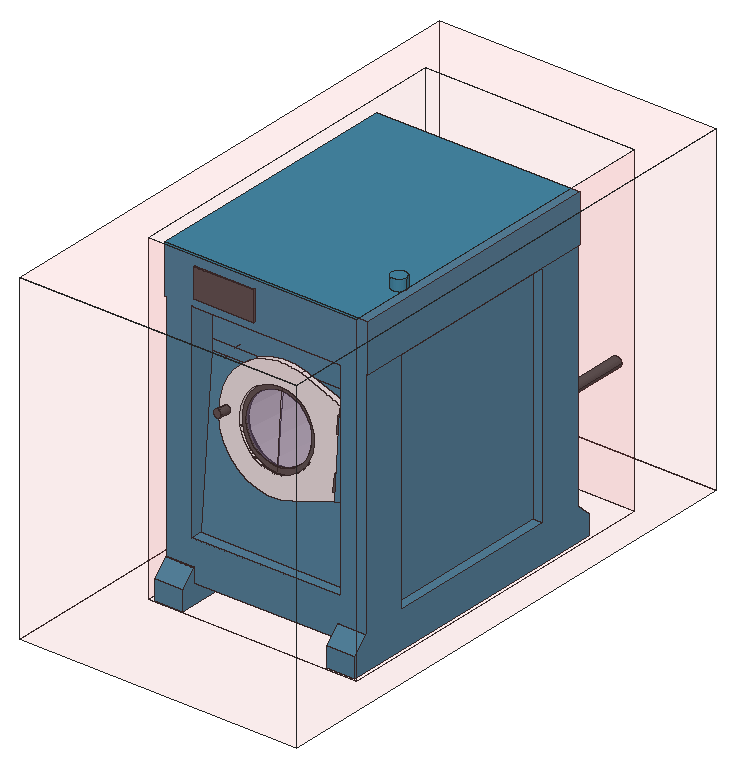
Revit family "Washer_Milnor_60lb-Capacity_30022X8R", category Mechanical Equipment, Revit 2026
Family settings
  Round Connector Dimension = Use Diameter
  Part Type = Normal
  Classification Number = 23.45.70.11.14.11
  Work Plane-Based = Yes
  Always vertical = No
  Cut with Voids When Loaded = No
  Maintain Annotation Orientation = No
  Shared = No
  Room Calculation Point = No
Parameters (values of type "3022x8Ce2014133d")
  doorgas = Door Opening + 0' 2 1/2"  # 1' - 6"
  Warranty Duration (Years) = 5
  Voltage_MEP = 44.5935 V
  Vibration Frequency = 0
  Unit Width = 3' - 6 3/4"
  Unit Weight = 944
  Unit Height = 5' - 6 1/2"
  Unit Depth = 5' - 10 5/8"
  URL = "http://www.milnor.com/"
  Suspension Type = "Suspended"
  Standard Soap Chute = yes
  Specification = "https://www.arcat.com/sd/clients/pellerin.html"
  SpecWizard = "https://www.arcat.com/specwizard/11110pmc/index04.htm"
  Send Message = "http://www.arcat.com/users.pl?action=UserEmail&company=Pellerin+Milnor+Corp.&coid=34740&rep=108&fax=504-468-3094&mf="
  Sales Information = "http://www.milnor.com/contact_us.aspx"
  Revision = "R1_08-2018"
  Product Properties = "https://www.arcat.com/arcatcos/cos34/arc34740.html"
  Product Data = "http://www.arcat.com/arcatcos/cos34/arc34740.html"
  Phase = 3
  Number of Poles = 1
  Model = "3022x8Ce2014133d"
  Manufacturer Website = "http://www.milnor.com/"
  Manufacturer Phone - Toll Free = "800-469-8780"
  Manufacturer Phone = "504-467-9591"
  Manufacturer Fax = "504-468-3094"
  Manufacturer Address = "700 Jackson St.   Kenner, LA 70062"
  Manufacturer = "Pellerin Milnor Corp"
  Maintenance Schedule (Months) = 0
  MEP Amperage = 18.5 A
  Keynote = "11110"
  Interior Finish [instance] = Metal - Stainless Steel - Milnor - as Specified
  Installation-Fabrication = "https://www.arcat.com/catalogs/pellerin/pellerin.html"
  Installation Phase = ""
  Green Building-LEED = "https://www.arcat.com/green/green_building.shtml"
  Frequency = 60 Hz
  Extraction G-Force = "300 Gs"
  Expected Lifespan (Years) = 12
  Dynamic Load = 0.00 kip
  Drawn By = "Sumex Design, Inc. / Robert S. Weygant, CSI, CDT, SCIP"
  Door Opening = 1' - 3 1/2"
  Door Opening Depth = 1' - 5 3/4"
  Door Glazing [instance] = Glazing - Milnor - as Specified
  Door Finish [instance] = Metal - Stainless Steel - Milnor - Powder Coat as Specified
  Clearance Visible [instance] = yes
  Cabinet Front Doodads [instance] = Paint - Milnor - Black
  Description = "Milnor Commercial Washer Extractor"
  Default Elevation = 4' - 0"
  Cylinder Volume = 0.00 CF
  Cylinder Diameter = 2' - 6"
  Cylinder Depth = 1' - 10"
  Door Base from FF = 2' - 3 3/4"
  Copyright = "©Arcat Inc."
  Construction Details = "https://www.arcat.com/catalogs/pellerin/pellerin.html"
  Capacity = "60 lb"
  Cabinet Finish [instance] = Paint - Milnor - Blue
  Assembly Code = "E1010610"
  5 Compartment Supply = no
Types (2): name | Standard Soap Chute | Model | 5 Compartment Supply
  3022x8Ce2014133d | yes | "3022x8Ce2014133d" | no
  3022x8Cb2014083d | no | "3022x8Cb2014083d" | yes
Reference planes (in)
  plane 1 "Center (Front/Back)": y = 0
  plane 2 "Bottom": z = 0
  plane 3 "Center (Left/Right)": x = 0
  plane 4 "Front": y = -35.3125
  plane 5 "Back": y = 35.3125
  plane 6 "Left": x = -21.375
  plane 7 "Right": x = 21.375
  plane 8 "Top": z = 66.5
  plane 9: y = -53.0625
  plane 10: z = 27.75
  plane 11: y = 24.6875
  plane 12: x = -20.5
  plane 13: z = 78.98252
  plane 14: y = -28.3125
  plane 15: y = 2.95881
  plane 16: z = 70.35752
  plane 17: x = -17.75
  plane 18: x = 17.75
  plane 19: y = -25.35369
  plane 20: y = -4.58498
Forms (in)
  Extrusion 1, solid, material "Paint - Milnor - Blue" <- "Cabinet Finish"
    sketch origin (0, 0, 0) x (0, 1, 0) y (0, 0, 1)
      loop
        line (-35.3125, 0) -> (24.6875, 0) -> (24.6875, 4) -> (21.85907, 6.82843) -> (-32.48407, 6.82843) -> (-35.3125, 4) -> (-35.3125, 0)
    from 14.8125 to 20.5
  Extrusion 2, solid, material "Paint - Milnor - Blue" <- "Cabinet Finish"
    sketch origin (0, 0, 0) x (0, 1, 0) y (0, 0, -1)
      loop
        line (-35.3125, 0) -> (-35.3125, -4) -> (-32.48407, -6.82843) -> (21.85907, -6.82843) -> (24.6875, -4) -> (24.6875, 0) -> (-35.3125, 0)
    from 14.8125 to 20.5
  Extrusion 3, solid, material "Paint - Milnor - Blue" <- "Cabinet Finish"
    sketch origin (0, 0, 0) x (1, 0, 0) y (0, 0, 1)
      loop
        line (-20.8125, 64.35752) -> (-20.8125, 54.60752) -> (-20.5, 54.60752) -> (-20.5, 4) -> (20.5, 4) -> (20.5, 54.60752) -> (20.8125, 54.60752) -> (20.8125, 64.35752) -> (-20.8125, 64.35752)
      loop
        line (-15.22873, 54.60752) -> (-15.22873, 12.10752) -> (15.27127, 12.10752) -> (15.27127, 54.60752) -> (-15.22873, 54.60752)
    from -21.95881 to 32.32761
  Extrusion 4, solid, material "Paint - Milnor - Blue" <- "Cabinet Finish"
    sketch origin (0, 0, 0) x (0, 1, 0) y (0, 0, 1)
      loop
        line (-30.5625, 6.82843) -> (21.95881, 6.82843) -> (21.95881, 15.82843) -> (21.19399, 15.82843) -> (21.19399, 54.60752) -> (-27.18521, 54.60752) -> (-27.18521, 46.47883)
        arc (-27.18521, 46.47883) -> (-27.20806, 45.43197) -> (-27.27654, 44.3871) r 24
        line (-27.27654, 44.3871) -> (-30.5625, 6.82843)
    from -15.22873 to 15.27127
  Extrusion 5, void
    sketch origin (0, 0, 0) x (0, 1, 0) y (0, 0, 1)
      loop
        line (-23.43417, 54.35752) -> (-23.43417, 7.48252) -> (12.81583, 7.48252) -> (12.81583, 54.35752) -> (-23.43417, 54.35752)
    from 18.5 to 20.5
  Extrusion 6, void
    sketch origin (0, 0, 0) x (0, 1, 0) y (0, 0, -1)
      loop
        line (-23.43417, -54.35752) -> (12.81583, -54.35752) -> (12.81583, -7.48252) -> (-23.43417, -7.48252) -> (-23.43417, -54.35752)
    from 18.5 to 20.5
  Extrusion 7, solid, material "Metal - Stainless Steel - Milnor - Powder Coat as Specified" <- "Door Finish"
    sketch origin (0, -30.5625, 6.82843) x (0, 0.087156, 0.996195) y (-1, 0, 0)
      loop
        circle (29.17799, 0) r 7.75
      loop
        arc (40.52054, -3.91747) -> (29.17799, 12) -> (17.83544, -3.91747) r 12
        line (17.83544, -3.91747) -> (20.92799, -12.87156) -> (29.17799, -12.87156) -> (37.42799, -12.87156) -> (40.52054, -3.91747)
    from 0 to 1.5
  Revolve 8, void
    sketch origin (0, 0, 0) x (0, 1, 0) y (0, 0, 1)
      loop
        line (-29.01567, 35.98254) -> (-5.35604, 33.91259) -> (-4.04871, 48.85551) -> (-25.96499, 50.77294) -> (-26.59687, 43.55053) -> (-28.34021, 43.70305) -> (-29.01567, 35.98254)
      axis (-29.01567, 35.98254) -> (-5.35604, 33.91259)
    angle from 0 to 360
  Extrusion 9, solid, material "Paint - Milnor - Black" <- "Cabinet Front Doodads"
    sketch origin (0, -32.05679, 6.95916) x (0, 0.087156, 0.996195) y (-1, 0, 0)
      loop
        circle (29.28326, 10.41902) r 0.75
    from 0 to 2.28554
  Extrusion 10, solid, material "Paint - Milnor - Black" <- "Cabinet Front Doodads"
    sketch origin (0, -32.05679, 6.95916) x (0, 0.087156, 0.996195) y (-1, 0, 0)
      loop
        line (35.96631, -12.21074) -> (32.71631, -12.21074) -> (32.71631, -13.46074) -> (35.96631, -13.46074) -> (35.96631, -12.21074)
      loop
        line (22.38967, -12.21074) -> (22.38967, -13.46074) -> (25.63967, -13.46074) -> (25.63967, -12.21074) -> (22.38967, -12.21074)
    from 0 to 0.34547
  Extrusion 11, solid, material "Paint - Milnor - Blue" <- "Cabinet Finish"
    sketch origin (0, -30.5625, 6.82843) x (0, 0.087156, 0.996195) y (-1, 0, 0)
      loop
        line (37.01098, -14.07896) -> (37.42799, -12.87156) -> (20.92799, -12.87156) -> (21.345, -14.07896) -> (37.01098, -14.07896)
    from 0 to 2.26083
  Extrusion 12, solid, material "Paint - Milnor - Black" <- "Cabinet Front Doodads"
    sketch origin (0, -32.32761, 0) x (1, 0, 0) y (0, 0, 1)
      loop
        line (-14.63887, 62.23611) -> (-14.63887, 56.23611) -> (-2.38887, 56.23611) -> (-2.38887, 62.23611) -> (-14.63887, 62.23611)
    from 0 to 0.33794
  Extrusion 13, solid, material "Paint - Milnor - Blue" <- "Cabinet Finish"
    sketch origin (0, 0, 0) x (1, 0, 0) y (0, 1, 0)
      loop
        circle (17.5625, -20.25) r 1.5
    from 64.35752 to 66.5
  Revolve 14, solid, material "Paint - Milnor - Black" <- "Cabinet Front Doodads"
    sketch origin (0, 0, 0) x (0, 1, 0) y (0, 0, 1)
      loop
        line (-27.84211, 43.65947) -> (-28.34021, 43.70305) -> (-28.42736, 42.70686) -> (-27.92927, 42.66328) -> (-27.84211, 43.65947)
      axis (-29.01567, 35.98254) -> (-28.51757, 35.93896)
    angle from 0 to 360
  Revolve 15, solid, material "Glazing - Milnor - as Specified" <- "Door Glazing"
    sketch origin (0, 0, 0) x (0, 1, 0) y (0, 0, 1)
      loop
        line (-28.51757, 35.93896) -> (-27.92927, 42.66328) -> (-28.30284, 42.69596) -> (-28.89114, 35.97165) -> (-28.51757, 35.93896)
      axis (-28.89114, 35.97165) -> (-28.51757, 35.93896)
    angle from 0 to 360
  Extrusion 16, solid, material "Paint - Milnor - Black"
    sketch origin (0, 0, 0) x (1, 0, 0) y (0, 0, 1)
      loop
        circle (17.6875, 26.25) r 0.375
      loop
        circle (17.6875, 22.125) r 0.375
      loop
        circle (17.6875, 18) r 0.375
    from -23.69767 to -21.19399
  Extrusion 17, solid, material "Paint - Milnor - Black"
    sketch origin (0, 0, 0) x (1, 0, 0) y (0, 0, 1)
      loop
        circle (-8, 10.6875) r 1.5
    from -25.45531 to -21.19399
  Extrusion 18, solid, material "Paint - Milnor - Black"
    sketch origin (0, 0, 0) x (1, 0, 0) y (0, 0, 1)
      loop
        circle (17.6875, 26.25) r 1
    from -35.3125 to -23.69767
  Extrusion 19, solid, material "Paint - Milnor - Black"
    sketch origin (0, 0, 0) x (1, 0, 0) y (0, 0, 1)
      loop
        circle (-17.625, 46.25) r 0.25
    from -21.95881 to -21.19399
  Extrusion 20, solid, material "Paint - Milnor - Black" <- "Cabinet Front Doodads", visible <- "Standard Soap Chute"
    sketch origin (0, 0, 0) x (0, 1, 0) y (0, 0, 1)
      loop
        line (-1.71125, 63.37839) -> (-1.71125, 55.37839) -> (6.28875, 55.37839) -> (6.28875, 63.37839) -> (-1.71125, 63.37839)
    from -20.8125 to -21.04456
  Extrusion 21, solid, material "Paint - Milnor - Black" <- "Cabinet Front Doodads", visible <- "Standard Soap Chute"
    sketch origin (0, 0, 0) x (0, 1, 0) y (0, 0, 1)
      loop
        line (-0.8303, 62.30849) -> (-0.8303, 59.55849) -> (5.4197, 59.55849) -> (5.4197, 62.30849) -> (-0.8303, 62.30849)
    from -21.24259 to -21.04456
  Extrusion 22, solid, material "ARCAT Clearance", visible <- "Clearance Visible"
    sketch origin (-12.17672, -11.84008, 0) x (1, 0, 0) y (0, 1, 0)
      loop
        line (-17.13578, 60.65258) -> (-17.13578, -46.97242) -> (39.55172, -46.97242) -> (39.55172, 60.65258) -> (-17.13578, 60.65258)
      loop
        line (-9.19828, -24.00367) -> (33.55172, -24.00367) -> (33.55172, 47.15258) -> (-9.19828, 47.15258) -> (-9.19828, -24.00367)
    from 0 to 66.5
  Extrusion 23, solid, material "Paint - Milnor - Black", visible <- "5 Compartment Supply"
    sketch origin (0, 0, 0) x (1, 0, 0) y (0, 0, 1)
      loop
        line (-20.8125, 64.35752) -> (-25.8125, 64.35752)
        arc (-25.8125, 64.35752) -> (-28.28737, 63.33239) -> (-29.3125, 60.85752) r 3.5
        line (-29.3125, 60.85752) -> (-29.3125, 54.85752) -> (-23.625, 54.85752) -> (-23.625, 55.37839) -> (-20.8125, 55.37839) -> (-20.8125, 64.35752)
    from -12.81583 to 4.58498
Cuts and joins
  Extrusion 5, Extrusion 6, Revolve 8 cuts Extrusion 1
  Extrusion 5, Extrusion 6, Revolve 8 cuts Extrusion 2
  Extrusion 5, Extrusion 6, Revolve 8 cuts Extrusion 3
  Extrusion 5, Extrusion 6, Revolve 8 cuts Extrusion 4
  joined: Extrusion 1, Extrusion 2, Extrusion 3, Extrusion 4
  Revolve 8 cuts Extrusion 7
Lines and regions (in)
  symbolic lines, style "MechanicalEquipmentHiddenLines"
    curve 1: line (13.375, -53.0625, 0) -> (13.375, -31.0625, 0)
    curve 2: line (0, -32.8125, 62.73611) -> (0, -58.8125, 62.73611)
    curve 3: line (0, -58.8125, 62.73611) -> (0, -58.8125, 53.73611)
    curve 4: line (0, -58.8125, 53.73611) -> (0, -32.32761, 53.73611)
    curve 5: spline (0, -36.97355, 47.32551) -> (0, -40.70711, 47.97905) -> (0, -44.45902, 47.43981) -> (0, -47.85487, 45.76159) -> (0, -50.55581, 43.11186) -> (0, -52.29228, 39.75505) -> (0, -52.89103, 36.02612) -> (0, -52.29228, 32.29719) -> (0, -50.55581, 28.94038) -> (0, -47.85487, 26.29065) -> (0, -44.45902, 24.61243) -> (0, -40.70711, 24.07319) -> (0, -36.97355, 24.72673)
    curve 6: line (0, -28.01947, 44.24473) -> (0, -36.97355, 47.32551)
    curve 7: line (0, -28.01947, 27.67678) -> (0, -36.97355, 24.596)
    curve 8: spline (0, -40.89103, 28.30561) -> (0, -42.89688, 28.56868) -> (0, -44.76603, 29.33996) -> (0, -46.37111, 30.5669) -> (0, -47.60272, 32.16586) -> (0, -48.37695, 34.0279) -> (0, -48.64103, 36.02612) -> (0, -48.37695, 38.02433) -> (0, -47.60272, 39.88637) -> (0, -46.37111, 41.48534) -> (0, -44.76603, 42.71228) -> (0, -42.89688, 43.48356) -> (0, -40.89103, 43.74663)
    curve 9: spline (0, -40.89103, 43.74663) -> (0, -38.88518, 43.48356) -> (0, -37.01603, 42.71228) -> (0, -35.41095, 41.48534) -> (0, -34.17933, 39.88637) -> (0, -33.4051, 38.02433) -> (0, -33.14103, 36.02612) -> (0, -33.4051, 34.0279) -> (0, -34.17933, 32.16586) -> (0, -35.41095, 30.5669) -> (0, -37.01603, 29.33996) -> (0, -38.88518, 28.56868) -> (0, -40.89103, 28.30561)
    curve 10: line (0, 48.8125, 44) -> (0, 48.8125, 62)
    curve 11: line (0, 48.8125, 62) -> (0, 21.95881, 62)
    curve 12: line (0, 48.8125, 44) -> (0, 21.95881, 44)
    curve 13: arc (13.375, -53.0625, 0) -> (-4.125, -45.81376, 0) -> (-11.37374, -28.31376, 0) r 24.74874
    curve 14: line (-13.3125, 21.19399, 0) -> (-13.3125, 48.8125, 0)
    curve 15: arc (-13.3125, 48.8125, 0) -> (5.77938, 40.90438, 0) -> (13.6875, 21.8125, 0) r 27
Dimensions and locks (in)
  equal spacing: plane 6 "Left", plane 3 "Center (Left/Right)", plane 7 "Right"
  "Unit Width": plane 6 "Left" to plane 7 "Right"
  equal spacing: plane 5 "Back", plane 1 "Center (Front/Back)", plane 4 "Front"
  "Unit Depth": plane 5 "Back" to plane 4 "Front"
  "Unit Height": plane 8 "Top" to level
  "Door Opening Depth": plane 4 "Front" to plane 9
  "Door Base from FF": plane 10 to level
  Extrusion 13 sketch curve to plane 4 "Front" = 1' - 3 1/16"
  plane 3 "Center (Left/Right)" to Extrusion 13 sketch curve = 1' - 5 9/16"
  Extrusion 16 sketch curve to level = 2' - 2 1/4"
  Extrusion 16 sketch curve to level = 1' - 10 1/8"
  Extrusion 16 sketch curve to level = 1' - 6"
  plane 3 "Center (Left/Right)" to Extrusion 19 sketch curve = 1' - 5 5/8"
  Extrusion 19 sketch curve to level = 3' - 10 1/4"
  locked: plane 14 to plane 4 "Front" at 7
  locked: plane 11 to plane 15 at 21.72869
  locked: plane 17 to plane 6 "Left" at 3.625
  locked: plane 18 to plane 7 "Right" at 3.625
  locked: plane 13 to plane 16 at 8.625
  locked: plane 16 to cut or joined group of Extrusion 1, Extrusion 2, Extrusion 3, Extrusion 4, Extrusion 5, Extrusion 6, Revolve 8 at 6
  locked: plane 19 to plane 14 at 2.95881
  locked: plane 15 to plane 20 at 7.54378
  aligned and locked: plane 8 "Top" to Extrusion 13
  aligned and locked: Extrusion 23 to cut or joined group of Extrusion 1, Extrusion 2, Extrusion 3, Extrusion 4, Extrusion 5, Extrusion 6, Revolve 8
  aligned and locked: Extrusion 23 to plane 20
  aligned and locked: plane 5 "Back" to Extrusion 22 sketch curve
Automatic sketch dimensions
  curve 1 to plane 9 = 0' - 0"
  curve 15 to plane 17 = 0' - 4 7/16"
  curve 13 to plane 14 = 0' - 0.00126"
  curve 13 to plane 18 = 0' - 4 3/8"
  plane 11 to curve 15 = 0' - 2 7/8"
  plane 5 "Back" to curve 14 = 1' - 1 1/2"
  curve 1 to curve 13 = 0' - 2.74874"
  curve 14 to curve 15 = 0' - 0.61851"
  curve 2 to plane 9 = 0' - 5 3/4"
  curve 6 to plane 4 "Front" = 0' - 1.66105"
  plane 5 "Back" to curve 10 = 1' - 1 1/2"
  curve 12 to plane 10 = 1' - 4 1/4"
  curve 6 to plane 8 "Top" = 1' - 7.17449"
  curve 4 to plane 8 "Top" = 1' - 0.76389"
  curve 10 to plane 8 "Top" = 0' - 4 1/2"
  curve 3 to plane 8 "Top" = 0' - 3.76389"
  plane 9 to curve 5 = 0' - 0.17147"
  curve 5 to curve 9 = 0' - 4 1/4"
  curve 8 to curve 9 = 0' - 0"
  curve 8 to curve 6 = 0' - 3.91747"
  curve 5 to curve 9 = 0' - 0"
  curve 7 to plane 4 "Front" = 0' - 1.66105"
  curve 5 to curve 7 = 0' - 0"
  plane 4 "Front" to curve 2 = 0' - 2 1/2"
  plane 4 "Front" to curve 4 = 0' - 2.98489"
  plane 14 to curve 6 = 0' - 0.29303"
  plane 10 to curve 7 = 0' - 0.07322"
  plane 14 to curve 7 = 0' - 0.29303"
  plane 11 to curve 11 = 0' - 2.72869"
  plane 11 to curve 12 = 0' - 2.72869"
  curve 8 to curve 6 = 0' - 3.57888"
  curve 8 to plane 10 = 0' - 8.27612"
  curve 5 to curve 8 = 0' - 0"
  curve 7 to curve 5 = 0' - 0.13073"
  curve 6 to curve 5 = 0' - 3.08078"
  Extrusion 1 sketch curve to plane 4 "Front" = 0' - 0"
  Extrusion 1 sketch curve to plane 11 = 0' - 0"
  Extrusion 1 sketch curve to level = 0' - 0"
  plane 4 "Front" to Extrusion 1 sketch curve = 0' - 2.82843"
  plane 11 to Extrusion 1 sketch curve = 0' - 2.82843"
  Extrusion 1 sketch curve to Extrusion 1 sketch curve = 0' - 4"
  level to Extrusion 1 sketch curve = 0' - 4"
  Extrusion 1 sketch curve to Extrusion 1 sketch curve = 0' - 2.82843"
  Extrusion 2 sketch curve to plane 4 "Front" = 0' - 0"
  Extrusion 2 sketch curve to plane 11 = 0' - 0"
  Extrusion 2 sketch curve to level = 0' - 0"
  plane 4 "Front" to Extrusion 2 sketch curve = 0' - 2.82843"
  plane 11 to Extrusion 2 sketch curve = 0' - 2.82843"
  Extrusion 2 sketch curve to Extrusion 2 sketch curve = 0' - 4"  (x2)
  Extrusion 2 sketch curve to Extrusion 2 sketch curve = 0' - 2.82843"
  plane 12 to Extrusion 3 sketch curve = 0' - 0"
  plane 12 to Extrusion 3 sketch curve = 0' - 0 5/16"
  Extrusion 3 sketch curve to plane 17 = 0' - 2.52127"
  Extrusion 3 sketch curve to plane 18 = 0' - 2.47873"
  Extrusion 3 sketch curve to plane 7 "Right" = 0' - 0 7/8"
  Extrusion 3 sketch curve to Extrusion 3 sketch curve = 0' - 0 5/16"
  level to Extrusion 3 sketch curve = 0' - 4"
  Extrusion 3 sketch curve to Extrusion 3 sketch curve = 0' - 8.10752"
  Extrusion 3 sketch curve to plane 8 "Top" = 0' - 11.89248"  (x2)
  Extrusion 3 sketch curve to Extrusion 3 sketch curve = 0' - 0"
  Extrusion 3 sketch curve to plane 8 "Top" = 0' - 2.14248"
  plane 9 to Extrusion 4 sketch curve = 0' - 1.87729"
  Extrusion 4 sketch curve to plane 14 = 0' - 2 1/4"
  plane 14 to Extrusion 4 sketch curve = 0' - 1.03596"
  plane 14 to Extrusion 4 sketch curve = 0' - 1.12729"
  plane 11 to Extrusion 4 sketch curve = 0' - 3.49351"
  Extrusion 4 sketch curve to Extrusion 4 sketch curve = 0' - 0.76482"
  level to Extrusion 4 sketch curve = 0' - 6.82843"
  Extrusion 4 sketch curve to Extrusion 4 sketch curve = 0' - 9"
  Extrusion 4 sketch curve to plane 10 = 1' - 4.6371"
  Extrusion 4 sketch curve to plane 8 "Top" = 0' - 11.89248"
  plane 14 to Extrusion 5 sketch curve = 0' - 4.87833"
  plane 15 to Extrusion 5 sketch curve = 0' - 9.85702"
  level to Extrusion 5 sketch curve = 0' - 7.48252"
  Extrusion 5 sketch curve to plane 8 "Top" = 1' - 0.14248"
  plane 14 to Extrusion 6 sketch curve = 0' - 4.87833"
  plane 15 to Extrusion 6 sketch curve = 0' - 9.85702"
  Extrusion 6 sketch curve to plane 8 "Top" = 1' - 0.14248"
  level to Extrusion 6 sketch curve = 0' - 7.48252"
  Extrusion 7 sketch curve to Extrusion 7 sketch curve = 0' - 0"  (x3)
  Extrusion 4 to Extrusion 7 sketch curve = 0' - 11.3538"
  Extrusion 7 sketch curve to Extrusion 4 = 1' - 5.83544"
  Extrusion 4 to Extrusion 7 sketch curve = 0' - 2.39971"
  Extrusion 7 sketch curve to Extrusion 7 sketch curve = 0' - 3.09255"
  Extrusion 7 sketch curve to Extrusion 7 sketch curve = 0' - 8 1/4"
  Extrusion 7 sketch curve to Extrusion 4 = 0' - 8.52415"
  Extrusion 7 sketch curve to Extrusion 4 = 0' - 0.27415"
  Extrusion 7 sketch curve to Extrusion 7 sketch curve = 0' - 3.91747"
  Extrusion 4 to Extrusion 7 sketch curve = 0' - 2.8184"
  Revolve 8 sketch curve to plane 14 = 0' - 0.70317"
  Revolve 8 sketch curve to plane 14 = 0' - 0.02771"
  plane 14 to Revolve 8 sketch curve = 0' - 1.71563"
  plane 14 to Revolve 8 sketch curve = 0' - 2.34751"
  plane 1 "Center (Front/Back)" to Revolve 8 sketch curve = 0' - 5.35604"
  Revolve 8 sketch curve to plane 10 = 0' - 6.16259"
  Revolve 8 sketch curve to Revolve 8 sketch curve = 0' - 2.06995"
  plane 14 to Revolve 8 sketch curve = 0' - 0.29303"
  Revolve 8 sketch curve to Revolve 8 sketch curve = 0' - 0.24905"
  Revolve 8 sketch curve to Revolve 8 sketch curve = 0' - 0.02179"
  Revolve 8 sketch curve to Revolve 8 sketch curve = 0' - 0.08716"
  Extrusion 9 sketch curve to Extrusion 7 = 1' - 11.29058"
  Extrusion 9 sketch curve to Extrusion 7 = 1' - 3.30185"
  Extrusion 7 to Extrusion 10 sketch curve = 0' - 0.58919"  (x2)
  Extrusion 10 sketch curve to Extrusion 7 = 0' - 1.18926"
  Extrusion 10 sketch curve to Extrusion 10 sketch curve = 0' - 3 1/4"  (x2)
  Extrusion 10 sketch curve to Extrusion 7 = 0' - 0.66081"  (x2)
  Extrusion 10 sketch curve to Extrusion 10 sketch curve = 0' - 7.07664"
  Extrusion 4 to Extrusion 11 sketch curve = 0' - 2.39971"
  Extrusion 11 sketch curve to Extrusion 4 = 1' - 4.77415"
  Extrusion 4 to Extrusion 11 sketch curve = 0' - 1.19231"
  Extrusion 11 sketch curve to Extrusion 11 sketch curve = 0' - 0.41701"
  Extrusion 11 sketch curve to Extrusion 4 = 0' - 0.69116"
  Extrusion 11 sketch curve to Extrusion 4 = 0' - 0.27415"
  Extrusion 3 to Extrusion 12 sketch curve = 0' - 0 151/256"
  Extrusion 12 sketch curve to Extrusion 3 = 0' - 1.62859"
  Extrusion 12 sketch curve to Extrusion 12 sketch curve = 1' - 0 1/4"
  Extrusion 12 sketch curve to Extrusion 3 = 0' - 2.12141"
  Revolve 14 sketch curve to plane 14 = 0' - 0.11486"
  Revolve 14 sketch curve to plane 14 = 0' - 0.02771"
  plane 14 to Revolve 14 sketch curve = 0' - 0.38323"
  Revolve 14 sketch curve to plane 10 = 1' - 2.91328"
  Revolve 14 sketch curve to Revolve 14 sketch curve = 0' - 0.04358"
  plane 14 to Revolve 14 sketch curve = 0' - 0.29303"
  Revolve 14 sketch curve to Revolve 14 sketch curve = 0' - 9.7129"
  Revolve 14 sketch curve to Revolve 14 sketch curve = 0' - 6.76789"
  Revolve 14 sketch curve to plane 10 = 0' - 7.29562"
  Revolve 15 sketch curve to plane 14 = 0' - 0.57864"
  Revolve 15 sketch curve to plane 14 = 0' - 0.20507"
  plane 14 to Revolve 15 sketch curve = 0' - 0.00966"
  Revolve 15 sketch curve to plane 10 = 0' - 8.18896"
  Revolve 15 sketch curve to Revolve 15 sketch curve = 0' - 0.03268"
  Revolve 15 sketch curve to Revolve 15 sketch curve = 0' - 0"  (x2)
  plane 14 to Revolve 15 sketch curve = 0' - 7.01734"
  Revolve 15 sketch curve to Revolve 15 sketch curve = 0' - 0.63188"
  Extrusion 16 sketch curve to plane 18 = 0' - 0 1/16"  (x3)
  Extrusion 17 sketch curve to plane 3 "Center (Left/Right)" = 0' - 8"
  level to Extrusion 17 sketch curve = 0' - 10 11/16"
  Extrusion 18 sketch curve to plane 18 = 0' - 0 1/16"
  plane 10 to Extrusion 18 sketch curve = 0' - 1 1/2"
  plane 1 "Center (Front/Back)" to Extrusion 20 sketch curve = 0' - 1.71125"
  plane 15 to Extrusion 20 sketch curve = 0' - 3.32994"
  Extrusion 20 sketch curve to plane 8 "Top" = 0' - 11.12161"
  Extrusion 20 sketch curve to plane 8 "Top" = 0' - 3.12161"
  plane 1 "Center (Front/Back)" to Extrusion 21 sketch curve = 0' - 0.8303"
  plane 15 to Extrusion 21 sketch curve = 0' - 2.46089"
  Extrusion 21 sketch curve to plane 8 "Top" = 0' - 6.94151"
  Extrusion 21 sketch curve to Extrusion 21 sketch curve = 0' - 2 3/4"
  Extrusion 23 sketch curve to plane 6 "Left" = 0' - 7 15/16"
  Extrusion 23 sketch curve to Extrusion 23 sketch curve = 0' - 3 1/2"
  Extrusion 23 sketch curve to plane 6 "Left" = 0' - 2 1/4"
  plane 12 to Extrusion 23 sketch curve = 0' - 0 5/16"
  Extrusion 23 sketch curve to plane 8 "Top" = 0' - 11.64248"
  Extrusion 23 sketch curve to Extrusion 23 sketch curve = 0' - 0.52087"
  Extrusion 23 sketch curve to plane 8 "Top" = 0' - 5.64248"
  Extrusion 22 sketch curve to plane 6 "Left" = 0' - 0"
  Extrusion 22 sketch curve to plane 7 "Right" = 0' - 0"
  Extrusion 22 sketch curve to plane 6 "Left" = 0' - 7 15/16"
  plane 7 "Right" to Extrusion 22 sketch curve = 0' - 6"
  Extrusion 22 sketch curve to plane 4 "Front" = 0' - 0 17/32"
  Extrusion 22 sketch curve to plane 9 = 0' - 5 3/4"
  plane 5 "Back" to Extrusion 22 sketch curve = 1' - 1 1/2"
  radius of Extrusion 7 sketch curve = 0' - 7 3/4"
  radius of Extrusion 9 sketch curve = 0' - 0 3/4"
  radius of Extrusion 13 sketch curve = 0' - 1 1/2"
  radius of Extrusion 16 sketch curve = 0' - 0 3/8"  (x3)
  radius of Extrusion 17 sketch curve = 0' - 1 1/2"
  radius of Extrusion 18 sketch curve = 0' - 1"
  radius of Extrusion 19 sketch curve = 0' - 0 1/4"
Connectors (in)
  piping at (-8, 25.45531, 10.6875), diameter 3
    settings: on Extrusion 17, index 1, connector inside diameter 3", connector length 0' - 0", flow factor 0, pipe flow 0 GPM, pressure drop 0.00 psi, fitting loss kfactor 0, connector angle 0.00°, fixture units 0, engagement length 0' - 0", angle of deflection 0.00°, flow configuration 0, flow direction 2, fitting loss method 0, system type 16, joint type 0, gender type 0, connector reference index -1, connector utility 0, adjustable connector no, is connector primary yes, connector description "Drain"
  piping at (17.6875, 35.3125, 26.25), diameter 0.75
    settings: on Extrusion 18, index 2, connector inside diameter 3/4", connector length 0' - 0", flow factor 0, pipe flow 0 GPM, pressure drop 0.00 psi, fitting loss kfactor 0, connector angle 0.00°, fixture units 0, engagement length 0' - 0", angle of deflection 0.00°, flow configuration 0, flow direction 1, fitting loss method 0, system type 19, joint type 0, gender type 0, connector reference index -1, connector utility 0, adjustable connector no, is connector primary no, connector description "DHW Chemical Flush"
  piping at (17.6875, 23.69767, 22.125), diameter 0.75
    settings: on Extrusion 16, index 3, connector inside diameter 3/4", connector length 0' - 0", flow factor 0, pipe flow 0 GPM, pressure drop 0.00 psi, fitting loss kfactor 0, connector angle 0.00°, fixture units 0, engagement length 0' - 0", angle of deflection 0.00°, flow configuration 0, flow direction 1, fitting loss method 0, system type 19, joint type 0, gender type 0, connector reference index -1, connector utility 0, adjustable connector no, is connector primary no, connector description "DHW Inlet"
  piping at (17.6875, 23.69767, 18), diameter 0.75
    settings: on Extrusion 16, index 4, connector inside diameter 3/4", connector length 0' - 0", flow factor 0, pipe flow 0 GPM, pressure drop 0.00 psi, fitting loss kfactor 0, connector angle 0.00°, fixture units 0, engagement length 0' - 0", angle of deflection 0.00°, flow configuration 0, flow direction 1, fitting loss method 0, system type 20, joint type 0, gender type 0, connector reference index -1, connector utility 0, adjustable connector no, is connector primary no, connector description "DCW Inlet"
  electrical at (-17.625, 21.95881, 46.25)
    settings: on Extrusion 19, index 5, voltage 0 V, apparent load 0 VA, apparent load phase1 0 VA, apparent load phase2 0 VA, apparent load phase3 0 VA, power factor 1, load classification "Other", number of poles 1, system type 31, power factor state 1, is connector primary yes, connector utility no, sub classification motor no, connector description ""
